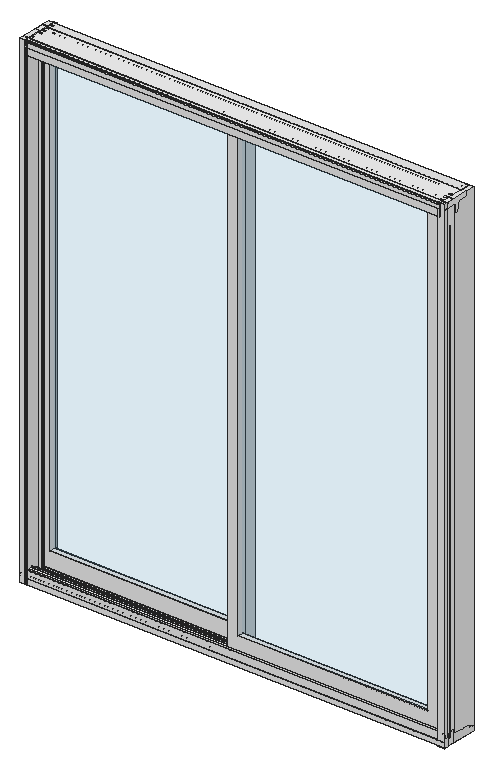
Revit family "Urbania_Patio_Door__XO_Symmetrical", category Doors, host Wall, Revit 2026
Family settings
  Host = Wall
  Classification Number = 23.30.10.00
  Always vertical = Yes
  Cut with Voids When Loaded = No
  Shared = No
  Room Calculation Point = No
Parameters (values of type "Patio_Door_7.25")
  Specification = ""
  Product Page URL = ""
  Edge thickness = 22.5 mm  # constant formula
  Overlap = 42 mm  # constant formula
  URL = "https://www.groupenovatech.com/en_canada_ontario/products/patio-doors/urbania-aluminum.html"
  FRAME TYPE = Urbania_Standar Frame_ 2 Panels_6'' : Patio_Frame_6p
  Panel Profile X = 63 mm  # constant formula
  Panel Profile O = 31 mm  # constant formula
  Model = if(([6p vs 7.25p]), "Urbania/Loft 6p", "Urbania/Loft 71/4p")  # "Urbania/Loft 6p"
  Door width X = ((Width - 2 * Edge thickness - Panel Profile X - Panel Profile O - Overlap) / 2) + Panel Profile X + Overlap  # 910 mm
  Door width O = ((Width - 2 * Edge thickness - Panel Profile X - Panel Profile O - Overlap) / 2) + Panel Profile O + Overlap  # 878 mm
  Rough Width = Width + 12.7 mm  # 1803.7 mm
  Head height X = 22 mm  # constant formula
  Head height O = 19 mm  # constant formula
  Panel height O = Height - Threshold Height O Side - Head height O  # 2005 mm
  Panel height X = Height - Threshold Height X Side - Head height X  # 1995 mm
  Rough Height = Height + 12.7 mm  # 2069.7 mm
  Threshold Height X Side = 40 mm  # constant formula
  Threshold Height O Side = 33 mm  # constant formula
  Function = Interior
  Projection - Exterior of frame = 25 mm
  Projection - Interior of frame = 25 mm
  Frame width = 75 mm
  Height = 2057 mm
  Wall Closure = By host
  Width = 1791 mm
  Manufacturer = "Novatech Group"
  Front panel distance = if([6p vs 7.25p], 52.7 mm, 82.9 mm)  # 52.7 mm
  Define Thermal Properties by = Schematic Type
  Copyright = ""
  CAD Details = ""
  Analytic Construction = "<Aucun>"
  6p vs 7.25p = yes
Types (2): name
  Patio_Door_6p
  Patio_Door_7.25
Reference planes
  plane 1: y = 0
  plane 2 "Centre (gauche/droite)": x = 7.5
  plane 3 "Gauche": x = -888
  plane 4: z = 2057
  plane 5 "Extérieur": y = 150
  plane 6 "Intérieur": y = -150
  plane 7: x = 880.5
  plane 8: x = -865.5
  plane 9: x = 817.5
  plane 10: y = 29.53
  plane 11: y = 97.3
  plane 12: x = 903
  plane 13: x = -29.5
  plane 14: x = 415
  plane 15: x = 12.5
  plane 16: x = -432
  plane 17: x = -834.5
Lines and regions (mm)
  symbolic lines, style "Sens d'ouverture de l'élévation"
    curve 1: line (1055, -150, 1028.5) -> (-888, -150, 2057)
    curve 2: line (1055, -150, 1028.5) -> (-888, -150, 0)
Text (mm)
  text "Extérieur" at (-2295.016, 1099.543, 0), in view "Ground floor"
  text "Extérieur" at (0, 1615.38, 3698.081), in view "Left"
  text "Extérieur" at (0, 1036.032, 3874.932), in view "Right"
Dimensions and locks
  equal spacing: plane 3 "Gauche", plane 2 "Centre (gauche/droite)", plane 12
  "Height": plane 4 to host wall
  equal spacing: host wall, curve 2, plane 4
  host wall to plane 4 = 2057 mm
  locked: plane 5 "Extérieur" to host wall
  locked: plane 6 "Intérieur" to host wall
  "Edge thickness": plane 3 "Gauche" to plane 8
  plane 8 to plane 15 = 878 mm
  "Edge thickness": plane 7 to plane 12
  "Panel Profile X": plane 9 to plane 7
  "Door width X": plane 13 to plane 7
  equal spacing: plane 15, plane 14, plane 9
  plane 15 to plane 9 = 805 mm
  "Overlap": plane 13 to plane 15
  plane 17 to plane 13 = 805 mm
  "Panel Profile O": plane 8 to plane 17
  equal spacing: plane 17, plane 16, plane 13
  locked: plane 10 to plane 11 at 67.77
  "Front panel distance": plane 5 "Extérieur" to plane 11
  aligned and locked: plane 4 to curve 1
  aligned and locked: plane 3 "Gauche" to curve 2
  aligned and locked: plane 1 to host wall
  aligned and locked: plane 3 "Gauche" to curve 1
  aligned and locked: plane 3 "Gauche" to host wall
  aligned and locked: plane 16 to nested 2
  aligned and locked: nested 2 to plane 11
  aligned and locked: nested 3 to plane 14
  aligned and locked: nested 3 to plane 10
Automatic sketch dimensions
  curve 2 to level = 0 mm
  plane 2 "Centre (gauche/droite)" to curve 2 = 1047.5 mm
Nested families
  nested 1: "Urbania_Standar Frame_ 2 Panels_6''" at (7.5, 0, 0) x (-1, 0, 0) z (0, 0, 1), type <- "FRAME TYPE", type "Patio_Frame_6p"
  nested 2: "Panel_Patio_O" at (-432, 97.3, 33), built-in parameter 1001364 <- "Threshold Height O Side", type "Panel_Patio_O"
    with Hauteur 2005 mm
  nested 3: "Panel_Patio_X" at (415, 29.53, 40), built-in parameter 1001364 <- "Threshold Height X Side", type "Panel_Patio_X"
Definition of nested family "Urbania_Standar Frame_ 2 Panels_6''"
  Parameters (values of type "Cadre_Patio_6p")
    Rough Width = Width + 12.7 mm  # 1803.7 mm
    Rough Height = Height + 12.7 mm  # 2069.7 mm
    Function = (empty or 0)
    Projection - Ext. de l'encadrement = 25 mm
    Projection Int. de l'encadrement = 25 mm
    Largeur du cadre = 75 mm
    Height = 2057 mm
    Wall Closure = (empty or 0)
    Width = 1791 mm
    Analytic Construction = "<Aucun>"
  Reference planes
    plane 1: y = 0
    plane 2 "Centre (gauche/droite)": x = 0
    plane 3 "Gauche": x = -901.85
    plane 4 "Droite": x = 901.85
    plane 5: z = 2069.7
    plane 6 "Extérieur": y = 150
    plane 7 "Intérieur": y = -150
    plane 8: z = 2057
    plane 9: x = -895.5
    plane 10: x = 895.5
    plane 11: x = -876.5
    plane 12: z = 1803.7
    plane 13: x = 876.5
    plane 14: y = 0.235
  Lines and regions (mm)
    Opening 1
      outline origin (-3050, -150, 0) x (1, 0, 0) y (0, 0, 1)
        loop
          line (2154.5, 0) -> (3945.5, 0) -> (3945.5, 2057) -> (2154.5, 2057) -> (2154.5, 0)
    symbolic lines
      curve 1: line (-895.5, 150.023, 0) -> (-876.5, 150.023, 0)
      curve 2: line (-895.5, -3.887, 0) -> (-895.5, 150.023, 0)
      curve 3: line (-876.5, -3.887, 0) -> (-895.5, -3.887, 0)
      curve 4: line (-876.5, 150.023, 0) -> (-876.5, -3.887, 0)
      curve 5: line (895.5, 150, 0) -> (876.5, 150, 0)
      curve 6: line (895.5, -3.91, 0) -> (895.5, 150, 0)
      curve 7: line (876.5, -3.91, 0) -> (895.5, -3.91, 0)
      curve 8: line (876.5, 150, 0) -> (876.5, -3.91, 0)
    symbolic lines, not visible
      curve 9: line (1500, 150, 0) -> (1481, 150, 0)
      curve 10: line (1500, -3.91, 0) -> (1500, 150, 0)
      curve 11: line (1481, -3.91, 0) -> (1500, -3.91, 0)
      curve 12: line (1481, 150, 0) -> (1481, -3.91, 0)
  Text (mm)
    text "Extérieur" at (-2295.016, 1099.543, 0), in view "Niveau de réf."
    text "Extérieur" at (0, 1615.38, 3698.081), in view "Gauche"
    text "Extérieur" at (0, 1036.032, 3874.932), in view "Droite"
  Dimensions and locks
    equal spacing: plane 3 "Gauche", plane 2 "Centre (gauche/droite)", plane 4 "Droite"
    "Rough Width": plane 3 "Gauche" to plane 4 "Droite"
    "Rough Height": plane 5 to host wall
    host wall to plane 5 = 2069.7 mm  (x2)
    locked: plane 6 "Extérieur" to host wall at 0
    locked: plane 7 "Intérieur" to host wall
    "Height": plane 8 to level
    equal spacing: plane 9, plane 2 "Centre (gauche/droite)", plane 10
    "Width": plane 9 to plane 10
    locked: plane 9 to plane 11 at 19
    locked: plane 10 to plane 13 at 19
    aligned and locked: Opening 1 sketch curve to level
    aligned and locked: plane 1 to host wall
    aligned and locked: plane 8 to Opening 1 sketch curve
    aligned and locked: Opening 1 sketch curve to plane 10
    aligned and locked: Opening 1 sketch curve to plane 9
    aligned and locked: plane 9 to nested 1
    aligned and locked: plane 8 to nested 1
    aligned and locked: plane 9 to nested 4
    aligned and locked: nested 1 to nested 2
    aligned and locked: nested 4 to nested 2
    aligned and locked: nested 2 to plane 6 "Extérieur"
    aligned and locked: curve 1 to nested 4
    aligned and locked: nested 4 to curve 2
    aligned and locked: curve 4 to nested 4
    aligned and locked: nested 4 to curve 3
    aligned and locked: plane 2 "Centre (gauche/droite)" to nested 2
    aligned and locked: plane 6 "Extérieur" to nested 3
    aligned and locked: nested 3 to host wall
    aligned and locked: plane 10 to nested 3
    aligned and locked: nested 3 to plane 6 "Extérieur"
    aligned and locked: curve 5 to nested 2
    aligned and locked: curve 6 to host wall
    aligned and locked: curve 7 to nested 3
    aligned and locked: curve 8 to nested 3
    aligned and locked: curve 11 to nested 5
    aligned and locked: curve 12 to nested 5
  Automatic sketch dimensions
    curve 7 to curve 7 = 19 mm
    curve 6 to curve 6 = 153.91 mm
    curve 11 to curve 11 = 19 mm
    curve 10 to curve 10 = 153.91 mm
  Nested families
    nested 1: "Cadre haut" at (-895.5, -4.087, 2057), LARGEUR <- "Width", type "Famille1"
      with Largeur 2 1769 mm, LARGEUR 1791 mm
    nested 2: "seuil" at (-895.5, -3.887, 0), type "seuil"
      with LARGEUR 1791 mm
    nested 3: "Latérale_6'' Gauche 2 panneaux" at (895.5, -3.91, 0) x (-1, 0, 0) z (0, 0, 1), type "Latérale_6'' Gauche 2 panneaux"
    nested 4: "Latérale_6'' Droite 2 panneaux" at (-895.5, -3.887, 0) x (-1, 0, 0) z (0, 0, 1), type "Latérale_6'' Droite 2 panneaux"
    nested 5: "Latérale_6'' Gauche 2 panneaux" at (1500, -3.91, 0) x (-1, 0, 0) z (0, 0, 1), type "Latérale_6'' Gauche 2 panneaux", not visible
  Definition of nested family "Cadre haut"
    Parameters (values of type "Famille1")
      Largeur 2 [instance] = LARGEUR - 22 mm  # 228 mm
      LARGEUR [instance] = 250 mm
      Finis PVC = none
      Finis Aluminium = none
      Default Elevation = 0 mm
    Reference planes
      plane 1 "Centre (avant/arrière)": y = 0
      plane 2: z = 0
      plane 3 "Centre (gauche/droite)": x = 0
      plane 4: y = -1.3
      plane 5: y = 152.7
    Forms (mm)
      Extrusion 1, solid, material <- "Finis Aluminium"
        sketch origin (0, -8.341, -48.179) x (0, 1, 0) y (0, 0, 1)
          loop
            line (10.541, -6.821) -> (10.541, 29.173) -> (25.451, 29.173) -> (25.451, 48.179) -> (8.341, 48.179) -> (8.341, 46.454) -> (9.741, 45.646)
            arc (9.741, 45.646) -> (10.654, 45.766) -> (10.774, 46.679) r 0.757
            line (10.774, 46.679) -> (14.641, 46.679) -> (14.641, 42.679) -> (7.041, 42.679) -> (7.041, 25.579) -> (8.541, 24.779) -> (8.541, -6.821) -> (10.541, -6.821)
          loop
            line (138.131, 29.206) -> (138.131, -6.394)
            arc (138.131, -6.394) -> (138.881, -6.897) -> (139.631, -6.394) r 0.811
            line (139.631, -6.394) -> (139.631, 29.206) -> (148.891, 29.206) -> (148.891, 15.956)
            arc (148.891, 15.956) -> (149.641, 15.206) -> (150.391, 15.956) r 0.75
            line (150.391, 15.956) -> (150.391, 29.206) -> (159.541, 29.206) -> (159.541, 10.606)
            arc (159.541, 10.606) -> (160.291, 9.856) -> (161.041, 10.606) r 0.75
            line (161.041, 10.606) -> (161.041, 48.206) -> (123.041, 48.206) -> (123.041, 29.206) -> (138.131, 29.206)
        from 19 to 228 <- "Largeur 2"
      Extrusion 2, solid, material <- "Finis PVC"
        sketch origin (0, 0, 0) x (0, 1, 0) y (0, 0, 1)
          loop
            line (7.236, -21.636) -> (60.005, -21.636)
            arc (60.005, -21.636) -> (61.419, -22.222) -> (62.005, -23.636) r 2
            line (62.005, -23.636) -> (62.005, -35.267) -> (62.705, -37.067) -> (62.705, -43.067) -> (62.005, -44.867) -> (62.005, -53.137)
            arc (62.005, -53.137) -> (62.591, -54.551) -> (64.005, -55.137) r 2
            line (64.005, -55.137) -> (66.127, -55.137)
            arc (66.127, -55.137) -> (66.715, -54.943) -> (67.077, -54.44) r 1
            line (67.077, -54.44) -> (69.02, -48.334) -> (69.385, -42.83) -> (69.385, -37.067) -> (70.085, -35.267) -> (70.085, -24.037)
            arc (70.085, -24.037) -> (70.964, -21.915) -> (73.085, -21.037) r 3
            line (73.085, -21.037) -> (74.914, -21.037) -> (74.914, -18.9) -> (114.417, -18.9) -> (114.417, 0) -> (18.617, 0) -> (18.617, -19.736) -> (7.236, -19.736) -> (7.236, -21.636)
        from 0 to 250 <- "LARGEUR"
      Extrusion 3, void, not visible
        sketch origin (269, 0, 0) x (-1, 0, 0) y (0, -1, 0)
          loop
            arc (26, -22.05) -> (25.766, -21.484) -> (25.2, -21.25) r 0.8
            line (25.2, -21.25) -> (19.495, -21.25) -> (19.495, -39.75) -> (29.091, -39.75)
            arc (29.091, -39.75) -> (30.073, -39.915) -> (30.947, -40.393) r 3
            line (30.947, -40.393) -> (34.195, -42.95) -> (34.195, -44.45) -> (19.495, -44.45) -> (19.495, -60.85) -> (34.195, -60.85) -> (34.195, -62.35) -> (30.947, -64.907)
            arc (30.947, -64.907) -> (30.073, -65.385) -> (29.091, -65.55) r 3
            line (29.091, -65.55) -> (19.036, -65.55) -> (18.999, -84.16) -> (25.2, -84.16)
            arc (25.2, -84.16) -> (25.791, -83.899) -> (26.003, -83.285) r 0.8
            arc (26.003, -83.285) -> (26.209, -82.671) -> (26.8, -82.41) r 0.8
            line (26.8, -82.41) -> (35.25, -82.41)
            arc (35.25, -82.41) -> (35.78, -82.63) -> (36, -83.16) r 0.75
            line (36, -83.16) -> (36, -84.91)
            arc (36, -84.91) -> (35.78, -85.44) -> (35.25, -85.66) r 0.75
            line (35.25, -85.66) -> (19, -85.66) -> (19, -152.41) -> (26.75, -152.41)
            arc (26.75, -152.41) -> (28.786, -154.446) -> (26.75, -156.481) r 2.036
            line (26.75, -156.481) -> (-3, -156.481) -> (-3, 3.692) -> (29.75, 3.692)
            arc (29.75, 3.692) -> (32.346, 1.096) -> (29.75, -1.5) r 2.596
            line (29.75, -1.5) -> (19, -1.5) -> (19, -19.75) -> (35.25, -19.75)
            arc (35.25, -19.75) -> (35.78, -19.97) -> (36, -20.5) r 0.75
            line (36, -20.5) -> (36, -22.2)
            arc (36, -22.2) -> (35.766, -22.766) -> (35.2, -23) r 0.8
            line (35.2, -23) -> (26.8, -23)
            arc (26.8, -23) -> (26.234, -22.766) -> (26, -22.2) r 0.8
        from -67.429 to 250
    Dimensions and locks
      aligned and locked: level to plane 2
  Definition of nested family "seuil"
    Parameters (values of type "seuil")
      LARGEUR = 3000 mm
      Finis PVC = none
      Finis Aluminium = none
      Default Elevation = 0 mm
    Reference planes
      plane 1 "Centre (avant/arrière)": y = 0
      plane 2: z = 0
      plane 3 "Centre (gauche/droite)": x = 0
      plane 4: x = 3000
      plane 5: x = 1500
    Forms (mm)
      Extrusion 1, solid, material <- "Finis Aluminium"
        sketch origin (0, 0, 0) x (0, 1, 0) y (0, 0, 1)
          loop
            line (1.5, 23) -> (0, 22.2) -> (0, 0) -> (16.8, 0) -> (16.8, 33.267) -> (8.499, 33.243)
            arc (8.499, 33.243) -> (4.964, 34.708) -> (3.5, 38.243) r 5
            line (3.5, 38.243) -> (3.5, 53)
            arc (3.5, 53) -> (2.5, 54) -> (1.5, 53) r 1
            line (1.5, 53) -> (1.5, 23)
          loop
            line (46.043, 39.738) -> (43.23, 39.738) -> (43.23, 0) -> (153.887, 0) -> (153.887, 16.235)
            arc (153.887, 16.235) -> (153.665, 16.788) -> (153.123, 17.035) r 0.8
            line (153.123, 17.035) -> (144.001, 17.449)
            arc (144.001, 17.449) -> (143.459, 17.695) -> (143.237, 18.248) r 0.8
            line (143.237, 18.248) -> (143.237, 22.75)
            arc (143.237, 22.75) -> (142.487, 23.5) -> (141.737, 22.75) r 0.75
            line (141.737, 22.75) -> (141.737, 18.389)
            arc (141.737, 18.389) -> (141.49, 17.81) -> (140.901, 17.59) r 0.8
            line (140.901, 17.59) -> (129.186, 18.122) -> (129.186, 27.395)
            arc (129.186, 27.395) -> (129.448, 27.683) -> (129.543, 28.061) r 0.8
            arc (129.543, 28.061) -> (129.121, 28.705) -> (128.402, 28.98) r 1.25
            line (128.402, 28.98) -> (126.979, 29.055)
            arc (126.979, 29.055) -> (126.095, 29.702) -> (125.148, 29.151) r 1
            line (125.148, 29.151) -> (114.995, 29.683)
            arc (114.995, 29.683) -> (114.111, 30.33) -> (113.165, 29.779) r 1
            line (113.165, 29.779) -> (103.012, 30.311)
            arc (103.012, 30.311) -> (102.128, 30.958) -> (101.181, 30.407) r 1
            line (101.181, 30.407) -> (91.028, 30.939)
            arc (91.028, 30.939) -> (90.144, 31.586) -> (89.198, 31.035) r 1
            line (89.198, 31.035) -> (79.045, 31.567)
            arc (79.045, 31.567) -> (78.161, 32.214) -> (77.214, 31.663) r 1
            line (77.214, 31.663) -> (67.061, 32.195)
            arc (67.061, 32.195) -> (66.177, 32.842) -> (65.231, 32.291) r 1
            line (65.231, 32.291) -> (55.078, 32.823)
            arc (55.078, 32.823) -> (54.194, 33.47) -> (53.247, 32.919) r 1
            line (53.247, 32.919) -> (46.043, 33.297) -> (46.043, 39.738)
        from 0 to 3000 <- "LARGEUR"
      Extrusion 2, solid, material <- "Finis PVC"
        sketch origin (0, 0, 0) x (0, 1, 0) y (0, 0, 1)
          loop
            line (17.881, 1.9) -> (42.485, 1.9) -> (42.485, 40.994) -> (46.367, 40.994) -> (46.367, 48.596) -> (36.353, 50.305) -> (36.353, 44.315) -> (30.582, 44.315) -> (30.582, 50.305) -> (20.564, 48.596) -> (20.564, 40) -> (22.382, 38.48) -> (22.382, 30.1) -> (17.881, 30.1) -> (17.881, 1.9)
        from 0 to 3000 <- "LARGEUR"
      Extrusion 3, solid
        sketch origin (0, 0, 0) x (0, 1, 0) y (0, 0, 1)
          loop
            line (30.967, 52.305) -> (30.967, 45.005) -> (35.967, 45.005) -> (35.967, 52.305)
            arc (35.967, 52.305) -> (33.467, 54.805) -> (30.967, 52.305) r 2.5
        from 0 to 3000 <- "LARGEUR"
      Extrusion 4, void, not visible
        sketch origin (2054.611, 0, 0) x (-1, 0, 0) y (0, -1, 0)
          loop
            arc (23.662, -22.05) -> (23.428, -21.484) -> (22.862, -21.25) r 0.8
            line (22.862, -21.25) -> (14.557, -21.25) -> (14.557, -39.75) -> (26.753, -39.75)
            arc (26.753, -39.75) -> (27.735, -39.915) -> (28.609, -40.393) r 3
            line (28.609, -40.393) -> (31.857, -42.95) -> (31.857, -44.45) -> (17.157, -44.45) -> (17.157, -60.85) -> (31.857, -60.85) -> (31.857, -62.35) -> (28.609, -64.907)
            arc (28.609, -64.907) -> (27.735, -65.385) -> (26.753, -65.55) r 3
            line (26.753, -65.55) -> (16.698, -65.55) -> (16.661, -84.16) -> (22.862, -84.16)
            arc (22.862, -84.16) -> (23.453, -83.899) -> (23.665, -83.285) r 0.8
            arc (23.665, -83.285) -> (23.87, -82.671) -> (24.462, -82.41) r 0.8
            line (24.462, -82.41) -> (32.912, -82.41)
            arc (32.912, -82.41) -> (33.442, -82.63) -> (33.662, -83.16) r 0.75
            line (33.662, -83.16) -> (33.662, -84.91)
            arc (33.662, -84.91) -> (33.442, -85.44) -> (32.912, -85.66) r 0.75
            line (32.912, -85.66) -> (16.662, -85.66) -> (16.662, -152.41) -> (24.412, -152.41)
            arc (24.412, -152.41) -> (25.15, -153.148) -> (24.412, -153.887) r 0.738
            line (24.412, -153.887) -> (-3, -153.887) -> (-3, 0) -> (27.412, 0)
            arc (27.412, 0) -> (28.162, -0.75) -> (27.412, -1.5) r 0.75
            line (27.412, -1.5) -> (16.662, -1.5) -> (16.662, -19.75) -> (32.912, -19.75)
            arc (32.912, -19.75) -> (33.442, -19.97) -> (33.662, -20.5) r 0.75
            line (33.662, -20.5) -> (33.662, -22.2)
            arc (33.662, -22.2) -> (33.428, -22.766) -> (32.862, -23) r 0.8
            line (32.862, -23) -> (24.462, -23)
            arc (24.462, -23) -> (23.896, -22.766) -> (23.662, -22.2) r 0.8
        from 0 to 250
    Dimensions and locks
      equal spacing: plane 3 "Centre (gauche/droite)", plane 5, plane 4
      "LARGEUR": plane 3 "Centre (gauche/droite)" to plane 4
      aligned and locked: level to plane 2
    Automatic sketch dimensions
      Extrusion 1 sketch curve to level = 0 mm  (x2)
      Extrusion 1 sketch curve to plane 1 "Centre (avant/arrière)" = 0 mm
      Extrusion 1 sketch curve to plane 1 "Centre (avant/arrière)" = 1.5 mm
      Extrusion 1 sketch curve to Extrusion 1 sketch curve = 1 mm
      Extrusion 1 sketch curve to Extrusion 1 sketch curve = 4.999 mm
      Extrusion 1 sketch curve to Extrusion 1 sketch curve = 5 mm
      Extrusion 1 sketch curve to plane 1 "Centre (avant/arrière)" = 16.8 mm
      Extrusion 1 sketch curve to Extrusion 1 sketch curve = 26.43 mm
      Extrusion 1 sketch curve to Extrusion 1 sketch curve = 2.813 mm
      Extrusion 1 sketch curve to Extrusion 1 sketch curve = 7.204 mm
      Extrusion 1 sketch curve to Extrusion 1 sketch curve = 0.894 mm  (x7)
      level to Extrusion 1 sketch curve = 32.823 mm
      Extrusion 1 sketch curve to Extrusion 1 sketch curve = 0.936 mm  (x7)
      Extrusion 1 sketch curve to Extrusion 1 sketch curve = 10.153 mm  (x6)
      level to Extrusion 1 sketch curve = 32.195 mm
      level to Extrusion 1 sketch curve = 31.567 mm
      level to Extrusion 1 sketch curve = 31.035 mm
      level to Extrusion 1 sketch curve = 30.939 mm
      level to Extrusion 1 sketch curve = 30.407 mm
      level to Extrusion 1 sketch curve = 30.311 mm
      level to Extrusion 1 sketch curve = 29.779 mm
      level to Extrusion 1 sketch curve = 29.683 mm
      level to Extrusion 1 sketch curve = 29.151 mm
      level to Extrusion 1 sketch curve = 29.055 mm
      Extrusion 1 sketch curve to Extrusion 1 sketch curve = 1.358 mm
      level to Extrusion 1 sketch curve = 28.98 mm
      Extrusion 1 sketch curve to Extrusion 1 sketch curve = 0.065 mm
      Extrusion 1 sketch curve to Extrusion 1 sketch curve = 0.406 mm
      Extrusion 1 sketch curve to Extrusion 1 sketch curve = 0.443 mm
      level to Extrusion 1 sketch curve = 17.59 mm
      Extrusion 1 sketch curve to Extrusion 1 sketch curve = 11.715 mm
      Extrusion 1 sketch curve to Extrusion 1 sketch curve = 0.036 mm  (x3)
      Extrusion 1 sketch curve to Extrusion 1 sketch curve = 0.8 mm  (x3)
      Extrusion 1 sketch curve to Extrusion 1 sketch curve = 0.75 mm
      level to Extrusion 1 sketch curve = 17.449 mm
      Extrusion 1 sketch curve to Extrusion 1 sketch curve = 0.764 mm
      Extrusion 1 sketch curve to Extrusion 1 sketch curve = 9.086 mm
      level to Extrusion 1 sketch curve = 17.035 mm
      Extrusion 1 sketch curve to Extrusion 1 sketch curve = 10.859 mm
      level to Extrusion 1 sketch curve = 22.2 mm
      Extrusion 1 sketch curve to Extrusion 1 sketch curve = 4.361 mm
      Extrusion 1 sketch curve to Extrusion 1 sketch curve = 1.585 mm
      Extrusion 1 sketch curve to Extrusion 1 sketch curve = 0.337 mm
      Extrusion 1 sketch curve to Extrusion 1 sketch curve = 0.351 mm  (x3)
      Extrusion 1 sketch curve to Extrusion 1 sketch curve = 10.243 mm
      Extrusion 1 sketch curve to Extrusion 1 sketch curve = 0.024 mm
      Extrusion 1 sketch curve to Extrusion 1 sketch curve = 0.378 mm
      Extrusion 1 sketch curve to Extrusion 1 sketch curve = 6.442 mm
      Extrusion 1 sketch curve to Extrusion 1 sketch curve = 14.757 mm
      Extrusion 2 sketch curve to plane 1 "Centre (avant/arrière)" = 17.881 mm
      Extrusion 2 sketch curve to Extrusion 2 sketch curve = 2.683 mm
      Extrusion 2 sketch curve to Extrusion 2 sketch curve = 1.818 mm
      Extrusion 2 sketch curve to Extrusion 2 sketch curve = 8.2 mm
      Extrusion 2 sketch curve to Extrusion 2 sketch curve = 5.771 mm
      Extrusion 2 sketch curve to Extrusion 2 sketch curve = 6.132 mm
      Extrusion 2 sketch curve to Extrusion 2 sketch curve = 3.882 mm
      level to Extrusion 2 sketch curve = 1.9 mm
      Extrusion 2 sketch curve to Extrusion 2 sketch curve = 28.2 mm
      Extrusion 2 sketch curve to Extrusion 2 sketch curve = 8.38 mm
      Extrusion 2 sketch curve to Extrusion 2 sketch curve = 1.519 mm
      Extrusion 2 sketch curve to Extrusion 2 sketch curve = 2.514 mm
      Extrusion 2 sketch curve to Extrusion 2 sketch curve = 5.835 mm
      Extrusion 2 sketch curve to Extrusion 2 sketch curve = 8.597 mm
      Extrusion 2 sketch curve to Extrusion 2 sketch curve = 7.602 mm
      Extrusion 2 sketch curve to Extrusion 2 sketch curve = 5.99 mm
      Extrusion 2 sketch curve to Extrusion 2 sketch curve = 0 mm
      Extrusion 3 sketch curve to plane 1 "Centre (avant/arrière)" = 30.967 mm
      Extrusion 3 sketch curve to Extrusion 3 sketch curve = 2.5 mm
      level to Extrusion 3 sketch curve = 45.005 mm
      Extrusion 3 sketch curve to Extrusion 3 sketch curve = 7.3 mm
  Definition of nested family "Latérale_6'' Gauche 2 panneaux"
    Parameters (values of type "Latérale_6'' Gauche 2 panneaux")
      HAUTEUR = 2057 mm
      Finis PVC = none
      Finis Aluminium = none
      Default Elevation = 0 mm
    Reference planes
      plane 1 "Centre (avant/arrière)": y = 0
      plane 2: z = 0
      plane 3 "Centre (gauche/droite)": x = 0
    Forms (mm)
      Extrusion 1, solid, material <- "Finis PVC"
        sketch origin (0, 133.091, 0) x (1, 0, 0) y (0, 1, 0)
          loop
            arc (29.103, -44.731) -> (30.085, -44.565) -> (30.959, -44.088) r 3
            line (30.959, -44.088) -> (34.207, -41.531) -> (34.207, -40.031) -> (19.507, -40.031) -> (19.507, -23.631) -> (34.207, -23.631) -> (34.207, -22.131) -> (30.959, -19.574)
            arc (30.959, -19.574) -> (30.085, -19.096) -> (29.103, -18.931) r 3
            line (29.103, -18.931) -> (19.507, -18.931) -> (19.507, -13.831) -> (0.007, -13.831) -> (0.007, -49.831) -> (19.507, -49.831) -> (19.507, -44.731) -> (29.103, -44.731)
        from 0 to 2057 <- "HAUTEUR"
      Extrusion 2, solid, material <- "Finis Aluminium"
        sketch origin (-74, 19.069, 0) x (1, 0, 0) y (0, 1, 0)
          loop
            line (103.75, 134.841) -> (74, 134.841) -> (74, 101.291) -> (93.024, 101.291) -> (92.999, 113.591) -> (99.2, 113.591)
            arc (99.2, 113.591) -> (99.793, 113.33) -> (99.996, 112.715) r 0.797
            arc (99.996, 112.715) -> (100.207, 112.1) -> (100.8, 111.841) r 0.795
            line (100.8, 111.841) -> (109.2, 111.841)
            arc (109.2, 111.841) -> (109.766, 112.075) -> (110, 112.641) r 0.8
            line (110, 112.641) -> (110, 114.341)
            arc (110, 114.341) -> (109.78, 114.871) -> (109.25, 115.091) r 0.75
            line (109.25, 115.091) -> (93, 115.091) -> (93, 133.341) -> (103.75, 133.341)
            arc (103.75, 133.341) -> (104.5, 134.091) -> (103.75, 134.841) r 0.75
          loop
            line (74, 63.091) -> (74, -19.069) -> (100.75, -19.069)
            arc (100.75, -19.069) -> (101.5, -18.319) -> (100.75, -17.569) r 0.75
            line (100.75, -17.569) -> (93, -17.569) -> (93, 49.181) -> (109.25, 49.181)
            arc (109.25, 49.181) -> (109.78, 49.4) -> (110, 49.931) r 0.75
            line (110, 49.931) -> (110, 51.681)
            arc (110, 51.681) -> (109.78, 52.211) -> (109.25, 52.431) r 0.75
            line (109.25, 52.431) -> (100.8, 52.431)
            arc (100.8, 52.431) -> (100.209, 52.169) -> (99.997, 51.555) r 0.8
            arc (99.997, 51.555) -> (99.791, 50.942) -> (99.2, 50.681) r 0.8
            line (99.2, 50.681) -> (92.999, 50.681) -> (93.024, 63.091) -> (74, 63.091)
        from 0 to 2057 <- "HAUTEUR"
    Lines and regions (mm)
      symbolic lines
        curve 1: line (0, 153.91, 0) -> (19, 153.91, 0)
        curve 2: line (0, 0, 0) -> (0, 153.91, 0)
        curve 3: line (19, 0, 0) -> (0, 0, 0)
        curve 4: line (19, 153.91, 0) -> (19, 0, 0)
    Dimensions and locks
      aligned and locked: level to plane 2
  Definition of nested family "Latérale_6'' Droite 2 panneaux"
    Parameters (values of type "Latérale_6'' Droite 2 panneaux")
      HAUTEUR = 2057 mm
      Finis PVC = none
      Finis Aluminium = none
      Default Elevation = 0 mm
    Reference planes
      plane 1 "Centre (avant/arrière)": y = 0
      plane 2: z = 0
      plane 3 "Centre (gauche/droite)": x = 0
    Forms (mm)
      Extrusion 1, solid, material <- "Finis Aluminium"
        sketch origin (26, 4.069, 0) x (1, 0, 0) y (0, 1, 0)
          loop
            arc (-52.75, -2.569) -> (-53.5, -3.319) -> (-52.75, -4.069) r 0.75
            line (-52.75, -4.069) -> (-26, -4.069) -> (-26, 10.24) -> (-45, 10.24) -> (-45, -2.569) -> (-52.75, -2.569)
          loop
            line (-45, 128.591) -> (-45, 64.841) -> (-57.354, 64.841)
            arc (-57.354, 64.841) -> (-58.709, 63.091) -> (-57.236, 61.441) r 1.73
            arc (-57.236, 61.441) -> (-56.653, 61.698) -> (-57.045, 62.201) r 0.404
            arc (-57.045, 62.201) -> (-57.68, 62.836) -> (-57.045, 63.471) r 0.635
            line (-57.045, 63.471) -> (-45, 63.471) -> (-45, 45.661) -> (-26.4, 45.661) -> (-26.4, 149.841) -> (-55.5, 149.841)
            arc (-55.5, 149.841) -> (-56.25, 149.091) -> (-55.5, 148.341) r 0.75
            line (-55.5, 148.341) -> (-45, 148.341) -> (-45, 130.091) -> (-58.68, 130.091)
            arc (-58.68, 130.091) -> (-59.43, 129.341) -> (-58.68, 128.591) r 0.75
            line (-58.68, 128.591) -> (-45, 128.591)
        from 0 to 2057 <- "HAUTEUR"
      Extrusion 2, solid, material <- "Finis PVC"
        sketch origin (0, 63.561, 0) x (-1, 0, 0) y (0, -1, 0)
          loop
            line (29.103, 42.981) -> (19.507, 42.981) -> (19.507, 49.252) -> (0.007, 49.252) -> (0.007, 13.831) -> (19.507, 13.831) -> (19.507, 17.181) -> (29.096, 17.181)
            arc (29.096, 17.181) -> (30.078, 17.347) -> (30.952, 17.824) r 3
            line (30.952, 17.824) -> (34.207, 20.387) -> (34.207, 21.881) -> (19.507, 21.881) -> (19.507, 38.281) -> (34.207, 38.281) -> (34.207, 39.781) -> (30.959, 42.339)
            arc (30.959, 42.339) -> (30.085, 42.816) -> (29.103, 42.981) r 3
        from 0 to 2057 <- "HAUTEUR"
    Dimensions and locks
      aligned and locked: level to plane 2
Definition of nested family "Panel_Patio_O"
  Parameters (values of type "Panneau_Patio_O")
    Panneau O_Épaisseur milieu = 42 mm  # constant formula
    Panneau O_Épaisseur bord = 31 mm  # constant formula
    Largeur = 878 mm
    Hauteur = 2002 mm
    Default Elevation = 0 mm
  Reference planes
    plane 1 "Centre (avant/arrière)": y = 0
    plane 2: z = 0
    plane 3 "Centre (gauche/droite)": x = 0
    plane 4: x = -433.5
    plane 5: z = 2002
    plane 6: z = 63.76
    plane 7: y = 12.5
    plane 8: y = -12.5
    plane 9: z = 1969.76
    plane 10: x = -402.5
    plane 11: x = 402.5
    plane 12: x = 444.5
  Forms (mm)
    Extrusion 1, solid
      sketch origin (0, 0, 0) x (1, 0, 0) y (0, 1, 0)
        loop
          line (-402.5, 12.5) -> (-402.5, 9.902) -> (402.5, 9.902) -> (402.5, 12.5) -> (-402.5, 12.5)
      from 63.76 to 1969.76
    Extrusion 2, solid
      sketch origin (0, 0, 0) x (1, 0, 0) y (0, 1, 0)
        loop
          line (-402.5, -12.5) -> (402.5, -12.5) -> (402.5, -9.902) -> (-402.5, -9.902) -> (-402.5, -12.5)
      from 63.76 to 1969.76
    Extrusion 3, solid
      sketch origin (0, 0, 0) x (1, 0, 0) y (0, 1, 0)
        loop
          line (-402.5, 12.5) -> (-433.5, 12.5) -> (-433.5, -12.5) -> (-402.5, -12.5) -> (-402.5, 12.5)
      from 0 to 2002
    Extrusion 4, solid
      sketch origin (-0.438, -0.826, 0) x (1, 0, 0) y (0, 1, 0)
        loop
          line (402.938, -11.674) -> (444.938, -11.674) -> (444.938, 38.652) -> (420.264, 38.652) -> (420.264, 27.882) -> (402.938, 27.882) -> (402.938, -11.674)
      from 0 to 2002
    Extrusion 5, solid
      sketch origin (0, 0, 0) x (0, 1, 0) y (0, 0, 1)
        loop
          line (12.5, 2002) -> (-12.5, 2002) -> (-12.5, 1969.76) -> (12.5, 1969.76) -> (12.5, 2002)
      from -402.5 to 402.5
    Extrusion 6, solid
      sketch origin (0, 0, 0) x (0, 1, 0) y (0, 0, 1)
        loop
          line (12.5, 63.76) -> (-12.5, 63.76) -> (-12.5, 0) -> (12.5, 0) -> (12.5, 63.76)
      from -402.5 to 402.5
  Cuts and joins
    joined: Extrusion 3, Extrusion 4, Extrusion 5, Extrusion 6
  Dimensions and locks
    "Hauteur": plane 5 to plane 2
    equal spacing: plane 8, plane 1 "Centre (avant/arrière)", plane 7
    locked: plane 2 to plane 6 at 63.76
    locked: plane 5 to plane 9 at 32.24
    locked: Extrusion 1 sketch curve to Extrusion 1 sketch curve at 2.598
    locked: Extrusion 2 sketch curve to Extrusion 2 sketch curve at 2.598
    "Panneau O_Épaisseur bord": plane 4 to plane 10
    plane 10 to plane 11 = 805 mm
    "Panneau O_Épaisseur milieu": plane 11 to plane 12
    equal spacing: plane 10, plane 3 "Centre (gauche/droite)", plane 11
    "Largeur": plane 12 to plane 4
    level to Extrusion 6 = 63.76 mm
    aligned and locked: level to plane 2
    aligned and locked: Extrusion 1 sketch curve to plane 10
    aligned and locked: plane 11 to Extrusion 1 sketch curve
    aligned and locked: plane 10 to Extrusion 2
    aligned and locked: Extrusion 2 to plane 11
    aligned and locked: plane 8 to Extrusion 2
    aligned and locked: Extrusion 2 to plane 9
    aligned and locked: Extrusion 1 to plane 9
    aligned and locked: plane 6 to Extrusion 2
    aligned and locked: plane 6 to Extrusion 1
    aligned and locked: Extrusion 3 to plane 4
    aligned and locked: plane 12 to Extrusion 4 sketch curve
    aligned and locked: Extrusion 1 to Extrusion 5
    aligned and locked: Extrusion 6 to Extrusion 1
    aligned and locked: plane 5 to Extrusion 3
    aligned and locked: plane 10 to Extrusion 5
    aligned and locked: plane 5 to Extrusion 4
    aligned and locked: Extrusion 4 to level
    aligned and locked: Extrusion 3 to level
    aligned and locked: plane 10 to Extrusion 6
  Automatic sketch dimensions
    Extrusion 2 sketch curve to plane 10 = 0 mm
    Extrusion 2 sketch curve to plane 11 = 0 mm
    plane 8 to Extrusion 2 sketch curve = 0 mm
    plane 4 to Extrusion 3 sketch curve = 0 mm
    plane 8 to Extrusion 5 sketch curve = 0 mm
    Extrusion 5 sketch curve to plane 7 = 0 mm
    Extrusion 5 sketch curve to plane 9 = 0 mm
    plane 5 to Extrusion 5 sketch curve = 0 mm
    plane 8 to Extrusion 3 sketch curve = 0 mm
    Extrusion 3 sketch curve to plane 7 = 0 mm
    Extrusion 3 sketch curve to plane 10 = 0 mm
    Extrusion 6 sketch curve to plane 8 = 0 mm
    Extrusion 6 sketch curve to level = 0 mm
    Extrusion 6 sketch curve to plane 7 = 0 mm
    plane 6 to Extrusion 6 sketch curve = 0 mm
    Extrusion 4 sketch curve to plane 11 = 0 mm
    Extrusion 4 sketch curve to Extrusion 4 sketch curve = 10.77 mm
    Extrusion 4 sketch curve to plane 7 = 14.556 mm
    plane 8 to Extrusion 4 sketch curve = 0 mm
    plane 7 to Extrusion 1 sketch curve = 0 mm
    Extrusion 4 sketch curve to plane 11 = 17.326 mm
Definition of nested family "Panel_Patio_X"
  Parameters (values of type "Panneau_Patio_X")
    Panneau X_Épaisseur milieu = 63 mm  # constant formula
    Panneau X_Épaisseur bord = 42 mm  # constant formula
    Largeur = 910 mm
    Hauteur = 1995 mm
    Default Elevation = 0 mm
  Reference planes
    plane 1 "Centre (avant/arrière)": y = 0
    plane 2: z = 0
    plane 3 "Centre (gauche/droite)": x = 0
    plane 4: x = 465.5
    plane 5: y = -12.5
    plane 6: y = 12.5
    plane 7: z = 1995
    plane 8: x = -402.5
    plane 9: x = 402.5
    plane 10: z = 63.76
    plane 11: z = 1963
    plane 12: x = -444.5
  Forms (mm)
    Extrusion 1, solid
      sketch origin (0, 0, 0) x (1, 0, 0) y (0, 1, 0)
        loop
          line (-402.5, -12.5) -> (402.5, -12.5) -> (402.5, -9.503) -> (-402.5, -9.503) -> (-402.5, -12.5)
      from 63.76 to 1963
    Extrusion 2, solid
      sketch origin (-1.156, 13.218, 0) x (1, 0, 0) y (0, 1, 0)
        loop
          line (-401.344, -3.718) -> (403.656, -3.718) -> (403.656, -0.718) -> (-401.344, -0.718) -> (-401.344, -3.718)
      from 63.76 to 1963
    Extrusion 3, solid
      sketch origin (-15, 0.826, 0) x (-1, 0, 0) y (0, -1, 0)
        loop
          line (387.5, -11.674) -> (429.5, -11.674) -> (429.5, 38.652) -> (412.174, 38.652) -> (412.174, 27.882) -> (387.5, 27.882) -> (387.5, -11.674)
      from 0 to 1995
    Extrusion 4, solid
      sketch origin (0, 0, 0) x (1, 0, 0) y (0, 1, 0)
        loop
          line (402.5, -12.5) -> (465.5, -12.5) -> (465.5, 12.5) -> (402.5, 12.5) -> (402.5, -12.5)
      from 0 to 1995
    Extrusion 5, solid
      sketch origin (0, 0, 0) x (0, 1, 0) y (0, 0, 1)
        loop
          line (-12.5, 1995) -> (-12.5, 1963) -> (12.5, 1963) -> (12.5, 1995) -> (-12.5, 1995)
      from -402.5 to 402.5
    Extrusion 6, solid
      sketch origin (0, 0, 0) x (0, 1, 0) y (0, 0, 1)
        loop
          line (-12.5, 63.76) -> (-12.5, 0) -> (12.5, 0) -> (12.5, 63.76) -> (-12.5, 63.76)
      from -402.5 to 402.5
  Cuts and joins
    joined: Extrusion 3, Extrusion 4, Extrusion 5, Extrusion 6
  Dimensions and locks
    equal spacing: plane 6, plane 1 "Centre (avant/arrière)", plane 5
    "Hauteur": plane 7 to plane 2
    Extrusion 2 sketch curve to Extrusion 2 sketch curve = 3 mm
    "Panneau X_Épaisseur bord": plane 12 to plane 8
    "Panneau X_Épaisseur milieu": plane 9 to plane 4
    equal spacing: plane 8, plane 3 "Centre (gauche/droite)", plane 9
    plane 11 to level = 1963 mm
    "Largeur": plane 12 to plane 4
    locked: plane 7 to plane 11 at 32
    locked: plane 2 to plane 10 at 63.76
    aligned and locked: level to plane 2
    aligned and locked: plane 10 to Extrusion 1
    aligned and locked: plane 11 to Extrusion 1
    aligned and locked: plane 11 to Extrusion 2
    aligned and locked: plane 10 to Extrusion 2
    aligned and locked: plane 8 to cut or joined group of Extrusion 3, Extrusion 4, Extrusion 5, Extrusion 6  (x2)
    aligned and locked: plane 12 to Extrusion 3 sketch curve
    aligned and locked: cut or joined group of Extrusion 3, Extrusion 4, Extrusion 5, Extrusion 6 to cut or joined group of Extrusion 3, Extrusion 4, Extrusion 5, Extrusion 6
    aligned and locked: cut or joined group of Extrusion 3, Extrusion 4, Extrusion 5, Extrusion 6 to plane 10
    aligned and locked: cut or joined group of Extrusion 3, Extrusion 4, Extrusion 5, Extrusion 6 to plane 2
    aligned and locked: plane 11 to cut or joined group of Extrusion 3, Extrusion 4, Extrusion 5, Extrusion 6
    aligned and locked: cut or joined group of Extrusion 3, Extrusion 4, Extrusion 5, Extrusion 6 to plane 7
    aligned and locked: Extrusion 1 to Extrusion 5
    aligned and locked: Extrusion 5 to Extrusion 1
    aligned and locked: Extrusion 1 to Extrusion 6
    aligned and locked: plane 7 to Extrusion 4
    aligned and locked: plane 7 to Extrusion 3
    aligned and locked: Extrusion 3 to level
    aligned and locked: Extrusion 4 to level
    aligned and locked: cut or joined group of Extrusion 3, Extrusion 4, Extrusion 5, Extrusion 6 to plane 8  (x4)
    aligned and locked: plane 9 to cut or joined group of Extrusion 3, Extrusion 4, Extrusion 5, Extrusion 6  (x4)
    aligned and locked: Extrusion 2 to plane 9
    aligned and locked: Extrusion 1 to plane 9
    aligned and locked: Extrusion 1 to plane 8
    aligned and locked: Extrusion 2 to cut or joined group of Extrusion 3, Extrusion 4, Extrusion 5, Extrusion 6
  Automatic sketch dimensions
    Extrusion 1 sketch curve to plane 5 = 0 mm
    Extrusion 1 sketch curve to plane 8 = 0 mm
    Extrusion 1 sketch curve to plane 9 = 0 mm
    plane 5 to Extrusion 1 sketch curve = 2.997 mm
    Extrusion 2 sketch curve to plane 8 = 0 mm
    Extrusion 2 sketch curve to plane 6 = 0 mm
    Extrusion 2 sketch curve to plane 9 = 0 mm
    Extrusion 4 sketch curve to plane 5 = 0 mm
    Extrusion 4 sketch curve to plane 9 = 0 mm
    Extrusion 4 sketch curve to plane 6 = 0 mm
    Extrusion 4 sketch curve to plane 4 = 0 mm
    Extrusion 5 sketch curve to plane 5 = 0 mm
    plane 7 to Extrusion 5 sketch curve = 0 mm
    Extrusion 5 sketch curve to plane 6 = 0 mm
    Extrusion 5 sketch curve to plane 11 = 0 mm
    Extrusion 6 sketch curve to level = 0 mm
    Extrusion 6 sketch curve to plane 5 = 0 mm
    Extrusion 6 sketch curve to plane 6 = 0 mm
    plane 10 to Extrusion 6 sketch curve = 0 mm
    Extrusion 3 sketch curve to plane 6 = 0 mm
    Extrusion 3 sketch curve to plane 8 = 0 mm
    Extrusion 3 sketch curve to Extrusion 3 sketch curve = 17.326 mm
    Extrusion 3 sketch curve to plane 5 = 14.556 mm
    Extrusion 3 sketch curve to Extrusion 3 sketch curve = 10.77 mm
